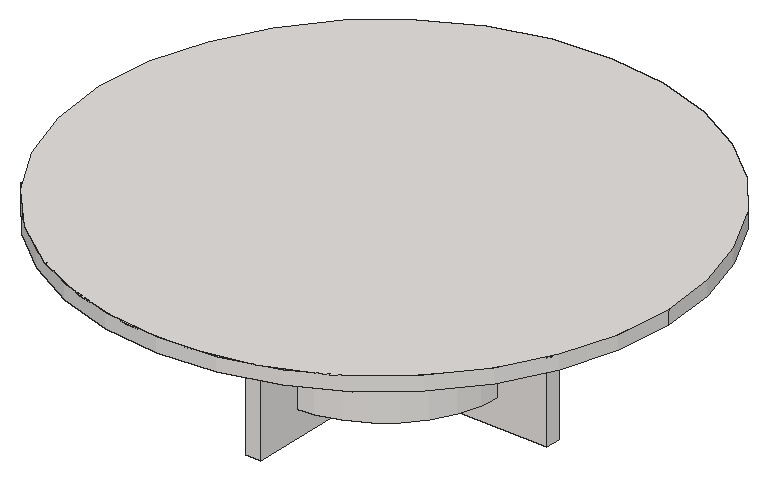
Revit family "MESA DE CENTRO CRUZ D120", category Modelos genéricos, Revit 2021
Family settings
  Pode hospedar o vergalhão = Não
  Cota do conector redondo = Utilizar diâmetro
  Tipo de parte = Normal
  Com base no plano de trabalho = Não
  Sempre na vertical = Não
  Corte com vazios quando carregada = Não
  Compartilhado = Não
  Ponto de cálculo do ambiente = Não
Parameters
  Elevação padrão = 0 m
Reference planes (m)
  plane 1 "Centro (Frente/Trás)": y = 0
  plane 2: z = -0.179952
  plane 3 "Centro (Esquerda/Direita)": x = 0
  plane 4: z = 0.580048
Forms (m)
  Extrusion 1, solid, not visible
    sketch origin (5.53069, 0.24, 0) x (0, 1, 0) y (0, 0, 1)
      loop
        line (-0.941493, 0) -> (-0.888285, 0) -> (-0.628349, 0.714166) -> (-0.681558, 0.714166) -> (-0.941493, 0)
    from 0 to 0.25
  Extrusion 2, solid, not visible
    sketch origin (5.53069, -0.24, 0) x (0, -1, 0) y (0, 0, -1)
      loop
        line (-0.941493, 0) -> (-0.681558, -0.714166) -> (-0.628349, -0.714166) -> (-0.888285, 0) -> (-0.941493, 0)
    from 0 to 0.25
  Extrusion 3, solid, not visible
    sketch origin (5.67069, 0, 0) x (0, 1, 0) y (0, 0, 1)
      loop
        line (-0.441558, 0.714166) -> (-0.441558, 0.664166) -> (0.419522, 0.664166) -> (0.419522, 0.714166) -> (-0.441558, 0.714166)
    from -0.14 to 0.11
  Extrusion 4, solid, not visible
    sketch origin (5.67069, 0, -0.5) x (0, 1, 0) y (0, 0, 1)
      loop
        line (-0.620478, 0.844166) -> (-0.620478, 0.744166) -> (0.629297, 0.744166) -> (0.629297, 0.844166) -> (-0.620478, 0.844166)
    from -0.04 to 0.01
  Extrusion 5, solid, not visible
    sketch origin (5.1, 0.015, -0.4) x (-1, 0, 0) y (0, 0, 1)
      loop
        line (-2.315001, 0.855004) -> (-2.315001, 0.695806) -> (0.741492, 0.695806) -> (0.741492, 0.855004) -> (-2.315001, 0.855004)
    from -0.04 to 0.01
  Extrusion 6, solid, not visible
    sketch origin (9.69612, 5.076919, -0.179952) x (-1, 0, 0) y (0, 0, 1)
      loop
        line (-0.941493, 0) -> (-0.888285, 0) -> (-0.628349, 0.714166) -> (-0.681558, 0.714166) -> (-0.941493, 0)
    from 0 to 0.25
  Extrusion 7, solid, not visible
    sketch origin (8.522613, 5.076919, -0.179952) x (1, 0, 0) y (0, 0, -1)
      loop
        line (-0.941493, 0) -> (-0.681558, -0.714166) -> (-0.628349, -0.714166) -> (-0.888285, 0) -> (-0.941493, 0)
    from 0 to 0.25
  Extrusion 8, solid, not visible
    sketch origin (8.347613, 5.201919, -0.179952) x (0, 1, 0) y (0, 0, 1)
      loop
        line (-0.125, 0.714166) -> (-0.125, 0.664166) -> (0.125, 0.664166) -> (0.125, 0.714166) -> (-0.125, 0.714166)
    from -0.484289 to 2.01
  Sweep 9, void, not visible
    path in 3D
      loop
        line (5.78069, 0.701493, 0) -> (5.78069, 0.438138, 0.723563)
    profile origin (5.78069, 0.569816, 0.361782) x (0, -0.939693, -0.34202) y (1, 0, 0)
      loop
        line (0, 0) -> (0, -0.014281) -> (0.01, 0) -> (0, 0)
  Sweep 10, void, not visible
    path in 3D
      loop
        line (5.53069, 0.701493, 0) -> (5.53069, 0.438138, 0.723563)
    profile origin (5.53069, 0.569816, 0.361782) x (0, 0.939693, 0.34202) y (-1, 0, 0)
      loop
        line (0, 0) -> (-0.01, 0) -> (0, -0.014281) -> (0, 0)
  Sweep 11, void, not visible
    path in 3D
      loop
        line (5.78069, -0.701493, 0) -> (5.78069, -0.438138, 0.723563)
    profile origin (5.78069, -0.569816, 0.361782) x (0, -0.939693, 0.34202) y (1, 0, 0)
      loop
        line (0, 0) -> (-0.01, 0) -> (0, -0.014281) -> (0, 0)
  Sweep 12, void, not visible
    path in 3D
      loop
        line (5.53069, -0.701493, 0) -> (5.53069, -0.438138, 0.723563)
    profile origin (5.53069, -0.569816, 0.361782) x (0, 0.939693, -0.34202) y (-1, 0, 0)
      loop
        line (0, 0) -> (0, -0.014281) -> (0.01, 0) -> (0, 0)
  Extrusion 13, void, not visible
    sketch origin (5.68069, 0, -0.5) x (0, -1, 0) y (0, 0, 1)
      loop
        line (0.68292, 0.889109) -> (0.559869, 0.889109) -> (0.617739, 0.730113) -> (0.68292, 0.730113) -> (0.68292, 0.889109)
    from 0 to 0.25
  Extrusion 14, void, not visible
    sketch origin (5.68069, -0.000404, -0.5) x (0, 1, 0) y (0, 0, -1)
      loop
        line (0.68292, -0.889109) -> (0.68292, -0.730113) -> (0.618143, -0.730113) -> (0.560273, -0.889109) -> (0.68292, -0.889109)
    from 0 to 0.295715
  Extrusion 15, solid, material ".LR-FREIJO"
    sketch origin (-3.055718, 0.013291, 0.130048) x (1, 0, 0) y (0, 1, 0)
      loop
        circle (3.767645, 0.185178) r 0.6
    from 0 to 0.03
  Extrusion 16, solid, material ".LR-FREIJO"
    sketch origin (0.703599, 0.203469, -0.549952) x (1, 0, 0) y (0, 0, -1)
      loop
        line (-0.336673, -0.57) -> (0.363284, -0.57) -> (0.363284, -0.37) -> (-0.336673, -0.37) -> (-0.336673, -0.57)
    from -0.02 to 0.01
  Extrusion 17, solid, material ".LR-FREIJO"
    sketch origin (4.980317, -2.55496, -0.179952) x (-1, 0, 0) y (0, -1, 0)
      loop
        circle (4.26839, -2.753428) r 0.25
    from 0.054757 to 0.31
  Extrusion 18, solid, material ".LR-FREIJO"
    sketch origin (0.706926, 0.247863, -0.679952) x (0, 1, 0) y (0, 0, -1)
      loop
        line (-0.394394, -0.7) -> (0.295606, -0.7) -> (0.295606, -0.5) -> (-0.394394, -0.5) -> (-0.394394, -0.7)
    from -0.02 to 0.01
Lines and regions (m)
  sketch lines, not visible
    curve 1: line (5.78069, 0.701493, 0) -> (5.78069, 0.438138, 0.723563)
    curve 2: line (5.53069, 0.701493, 0) -> (5.53069, 0.438138, 0.723563)
    curve 3: line (5.78069, -0.701493, 0) -> (5.78069, -0.438138, 0.723563)
    curve 4: line (5.53069, -0.701493, 0) -> (5.53069, -0.438138, 0.723563)
Dimensions and locks (m)
  plane 4 to level = 0.76 m
  aligned and locked: level to plane 2
